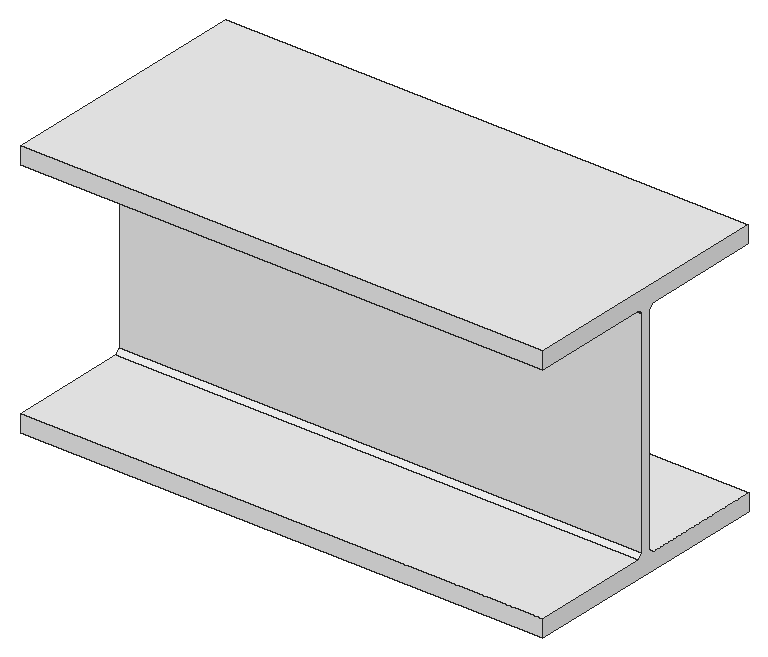
Revit family
Parameters (values of type "WWF600x460")
  시작 확장 계산 [instance] = 3012.5 mm + 시작 확장  # 3000 mm
  시작 확장 [instance] = -12.5 mm
  끝 확장 계산 [instance] = 3012.5 mm + 끝 확장  # 3000 mm
  끝 확장 [instance] = -12.5 mm
  보 재료 [instance] = 금속 - 스틸 - 345 MPa
  Assembly Code = ""
  A = 0.059 m²
  Length [instance] = 1524 mm
  W = 4.51
  bf = 600 mm
  d = 600 mm
  k = 20 mm
  tf = 40 mm
  tw = 20 mm
Reference planes
  plane 1 "중심(앞/뒤)": y = 0
  plane 2: z = 0
  plane 3 "중심(왼쪽/오른쪽)": x = 4.61
  plane 4 "왼쪽 부재": x = -604.99
  plane 5 "오른쪽 부재": x = 614.21
  plane 6: y = 300
  plane 7: y = -300
  plane 8 "상단": z = 300
  plane 9: z = -300
  plane 10 "왼쪽": x = -757.39
  plane 11 "오른쪽": x = 766.61
  plane 12: x = -604.99
  plane 13: x = 614.21
  plane 14: x = 2395.01
  plane 15: x = -2385.79
Forms (mm)
  Sweep 1, solid, material "금속 - 스틸 - 345 MPa" <- "보 재료", detail levels medium
    path origin (0, 0, 0) x (1, 0, 0) y (0, 1, 0)
      loop
        line (614.21, 0) -> (-604.99, 0)
    profile "M_WWF-와이드 플랜지-프로파일-중간 : M_WWF-와이드 플랜지-프로파일-중간" origin (4.61, 0, 0) x (0, -1, 0) y (0, 0, 1)
      loop
        line (-300, -300) -> (300, -300) -> (300, -260) -> (10, -260) -> (10, 260) -> (300, 260) -> (300, 300) -> (-300, 300) -> (-300, 260) -> (-10, 260) -> (-10, -260) -> (-300, -260) -> (-300, -300)
  Sweep 2, solid, material "금속 - 스틸 - 345 MPa" <- "보 재료", detail levels fine
    path origin (0, 0, 0) x (1, 0, 0) y (0, 1, 0)
      loop
        line (614.21, 0) -> (-604.99, 0)
    profile "M_WWF-와이드 플랜지-프로파일-섬세 : M_WWF-와이드 플랜지-프로파일-섬세" origin (4.61, 0, 0) x (0, -1, 0) y (0, 0, 1)
      loop
        line (-300, -300) -> (300, -300) -> (300, -260) -> (20, -260) -> (10, -250) -> (10, 250) -> (20, 260) -> (300, 260) -> (300, 300) -> (-300, 300) -> (-300, 260) -> (-20, 260) -> (-10, 250) -> (-10, -250) -> (-20, -260) -> (-300, -260) -> (-300, -300)
Lines and regions (mm)
  symbolic lines, style "숨겨진 면", detail levels medium+fine
    curve 1: line (614.21, -10, 0) -> (-604.99, -10, 0)
    curve 2: line (614.21, 10, 0) -> (-604.99, 10, 0)
  symbolic lines, style "기호 부착", detail levels coarse
    curve 3: line (4.61, 300, 300) -> (4.61, -300, 300)
    curve 4: line (4.61, -300, -300) -> (4.61, 300, -300)
    curve 5: line (4.61, 0, 300) -> (4.61, 0, -300)
Dimensions and locks
  "bf": plane 6 to plane 7
  "d": plane 9 to plane 8 "상단"
  equal spacing: plane 9, plane 2, plane 8 "상단"
  equal spacing: plane 6, plane 1 "중심(앞/뒤)", plane 7
  "Length": plane 10 "왼쪽" to plane 11 "오른쪽"
  "tw": curve 2 to curve 1
  equal spacing: curve 2, plane 1 "중심(앞/뒤)", curve 1
  locked: plane 4 "왼쪽 부재" to plane 14 at 3000
  locked: plane 15 to plane 5 "오른쪽 부재" at 3000
  "끝 확장 계산": plane 15 to plane 13
  "시작 확장 계산": plane 12 to plane 14
  aligned and locked: Sweep 1 sketch curve to plane 1 "중심(앞/뒤)"
  aligned and locked: Sweep 2 sketch curve to plane 1 "중심(앞/뒤)"
  aligned and locked: Sweep 2 to curve 3  (x2)
  aligned and locked: Sweep 2 to curve 4  (x2)
  aligned and locked: curve 3 to Sweep 2
  aligned and locked: curve 4 to Sweep 2
  aligned and locked: plane 12 to Sweep 2 sketch curve
  aligned and locked: plane 13 to Sweep 2 sketch curve
  aligned and locked: plane 12 to Sweep 1 sketch curve
  aligned and locked: plane 13 to Sweep 1 sketch curve
  aligned and locked: plane 12 to curve 2
  aligned and locked: plane 12 to curve 1
  aligned and locked: plane 13 to curve 2
  aligned and locked: plane 13 to curve 1
Automatic sketch dimensions
  curve 5 to plane 1 "중심(앞/뒤)" = 0 mm
